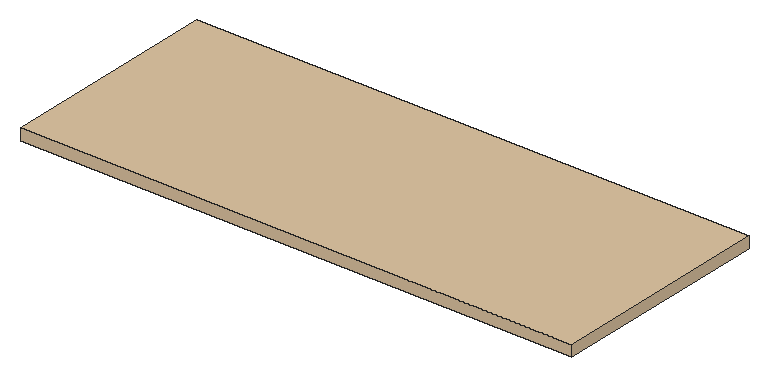
Revit family
Parameters (values of type "24" x 60"")
  Width = 60"
  Warranty = "www.haworth.com/en-us/Products/Pages/Certifications.aspx"
  URL - Product = "www.haworth.com/en-us/Industries/Healthcare/Pages/Compose-Systems.aspx"
  URL = "www.haworth.com"
  Top Thickness = 1 3/16"  # constant formula
  Top Height [instance] = 29"
  Top Finish = Haworth - Wood - Light Maple VP-LM
  Sustainability Info = "www.haworth.com/en-us/About-Us/Sustainability/Pages/Vision.aspx"
  Size = "Verify Final Dim. w/ Haworth"  # constant formula
  Revision Number = "2"  # constant formula
  Mounting Offset [instance] = Top Height - Top Thickness  # 27 13/16"
  Model = "Compose"
  Min/Max Width = "16-108 in."  # constant formula
  Min/Max Depth = "18-48 in."  # constant formula
  Min. Width = 16"  # constant formula
  Max. Width = 108"  # constant formula
  Min. Depth = 18"  # constant formula
  Max. Depth = 48"  # constant formula
  Manufacturer = "Haworth"  # constant formula
  LEED Data = "www.haworth.com/_layouts/Haworth.ProductCatalog/Handlers/GetAsset.ashx/ComposeLEEDContributions.pdf?cid=27&rid=1824&type=Leed"
  Edge Finish = Haworth - Wood - Light Maple VP-LM
  Description = "Compose Storage Top"  # constant formula
  Depth = 24"
  Author = "SHAPE Environments, LLC"  # constant formula
  Assembly Code = "E2020200"
  Actual Width = if(Width > Max. Width, Max. Width, if(Width < Min. Width, Min. Width, Width))  # 60"
  Actual Depth = if(Depth > Max. Depth, Max. Depth, if(Depth < Min. Depth, Min. Depth, Depth))  # 24"
Reference planes (in)
  plane 1 "Storage Top Center F/B": y = 0
  plane 2: z = 0
  plane 3 "Storage Top Center L/R": x = 0
  plane 4 "Left": x = -30
  plane 5 "Back": y = 12
  plane 6 "Front": y = -12
  plane 7 "Right": x = 30
  plane 8 "Top": z = 29
  plane 9 "Bottom": z = 27.8125
Forms (in)
  Extrusion 1, solid, material "Haworth - Wood - Light Maple VP-LM" <- "Top Finish"
    sketch origin (-36.03948, -180, 27.8125) x (-1, 0, 0) y (0, -1, 0)
      loop
        line (-6.03948, -192) -> (-6.03948, -168) -> (-66.03948, -168) -> (-66.03948, -192) -> (-6.03948, -192)
    from 0 to 1.1875
Lines and regions (in)
  Masking region 1
    outline origin (0, 0, 0) x (1, 0, 0) y (0, 1, 0)
      loop
        line (-30, 12) -> (-30, -12) -> (30, -12) -> (30, 12) -> (-30, 12)
Dimensions and locks (in)
  equal spacing: plane 5 "Back", plane 1 "Storage Top Center F/B", plane 6 "Front"
  "Actual Depth": plane 5 "Back" to plane 6 "Front"
  equal spacing: plane 4 "Left", plane 3 "Storage Top Center L/R", plane 7 "Right"
  "Actual Width": plane 4 "Left" to plane 7 "Right"
  "Mounting Offset": plane 9 "Bottom" to level
  "Top Thickness": plane 8 "Top" to plane 9 "Bottom"
  aligned and locked: plane 5 "Back" to Extrusion 1 sketch curve
  aligned and locked: plane 7 "Right" to Extrusion 1 sketch curve
  aligned and locked: plane 6 "Front" to Extrusion 1 sketch curve
  aligned and locked: plane 4 "Left" to Extrusion 1 sketch curve
  aligned and locked: plane 8 "Top" to Extrusion 1
  aligned and locked: Extrusion 1 to plane 5 "Back"
  aligned and locked: Extrusion 1 to plane 9 "Bottom"
  aligned and locked: plane 4 "Left" to Masking region 1 sketch curve
  aligned and locked: plane 6 "Front" to Masking region 1 sketch curve
  aligned and locked: plane 7 "Right" to Masking region 1 sketch curve
  aligned and locked: plane 5 "Back" to Masking region 1 sketch curve
